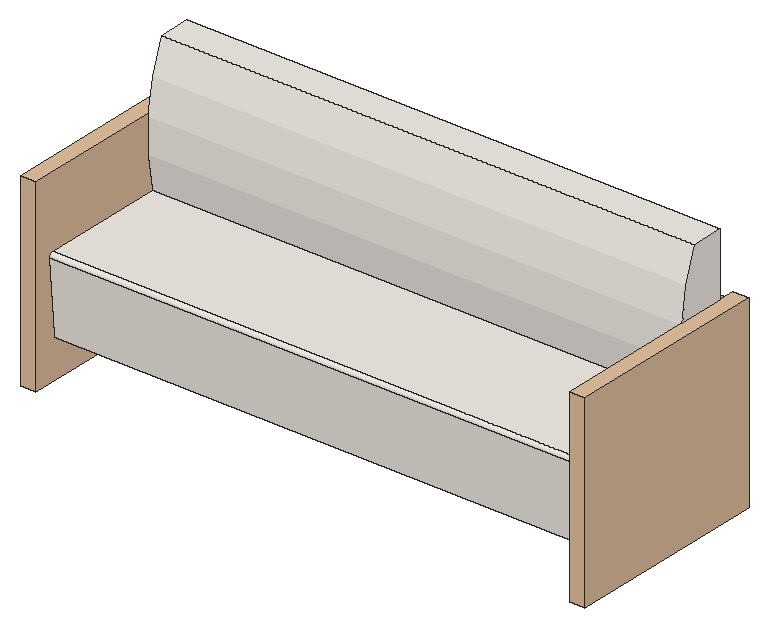
Revit family "M_Sofá", category Mobiliário, Revit 2019
Family settings
  Número OmniClass = 23.40.20.14.14.14
  Título OmniClass = Settees, Sofas
  ID de item do Seek = Sofa-0000-CAN-ENU
  Com base no plano de trabalho = Não
  Sempre na vertical = Sim
  Corte com vazios quando carregada = Não
  Compartilhado = Não
  Ponto de cálculo do ambiente = Não
Parameters (values of type "1830mm")
  Largura = 1830.00 mm
  Material do assento = Linho, Bege
  Material da moldura = Cerejeira
Types (3, lengths in mm): name | Largura
  (no name) | 1830.00
  1830mm | 1830.00
  1372mm | 1372.00
Reference planes
  plane 1 "Centro (Frente/Trás)": y = 146.154
  plane 2: z = 0
  plane 3 "Centro (Esquerda/Direita)": x = 70.37
  plane 4: y = 476.354
  plane 5: y = -184.046
  plane 6: x = 985.37
  plane 7: x = -844.63
  plane 8: z = 812.8
  plane 9: x = -793.83
  plane 10: x = 934.57
Forms (mm)
  Extrusion 1, solid, material "Cerejeira" <- "Material da moldura"
    sketch origin (0, 0, 0) x (1, 0, 0) y (0, 1, 0)
      loop
        line (-844.63, 476.354) -> (-844.63, -184.046) -> (-793.83, -184.046) -> (-793.83, 476.354) -> (-844.63, 476.354)
      loop
        line (934.57, 476.354) -> (934.57, -184.046) -> (985.37, -184.046) -> (985.37, 476.354) -> (934.57, 476.354)
    from 0 to 609.6
  Extrusion 2, solid, material "Linho, Bege" <- "Material do assento"
    sketch origin (985.37, 0, 0) x (0, -1, 0) y (0, 0, 1)
      loop
        line (119.386, 381) -> (-286.176, 381)
        arc (-286.176, 381) -> (-268.63, 600.088) -> (-323.954, 812.8) r 660.4
        line (-323.954, 812.8) -> (-425.554, 812.8) -> (-425.554, 127.967) -> (111.108, 127.967) -> (132.038, 367.193)
        arc (132.038, 367.193) -> (128.75, 376.88) -> (119.386, 381) r 12.7
    from 50.8 to 1779.2
  Extrusion 3, solid, material "Cerejeira" <- "Material da moldura"
    sketch origin (985.37, 0, 0) x (0, -1, 0) y (0, 0, 1)
      loop
        line (-476.354, 584.2) -> (-476.354, 457.2) -> (-425.554, 457.2) -> (-425.554, 584.2) -> (-476.354, 584.2)
      loop
        line (-476.354, 393.7) -> (-476.354, 266.7) -> (-425.554, 266.7) -> (-425.554, 393.7) -> (-476.354, 393.7)
      loop
        line (-476.354, 203.2) -> (-476.354, 76.2) -> (-425.554, 76.2) -> (-425.554, 203.2) -> (-476.354, 203.2)
    from 50.8 to 1779.2
Lines and regions (mm)
  Masking region 1
    outline origin (0, 0, 0) x (1, 0, 0) y (0, 1, 0)
      loop
        line (-793.83, -132.038) -> (934.57, -132.038) -> (934.57, -184.046) -> (985.37, -184.046) -> (985.37, 476.354) -> (-844.63, 476.354) -> (-844.63, -184.046) -> (-793.83, -184.046) -> (-793.83, -132.038)
  symbolic lines
    curve 1: line (-793.83, 476.354, 0) -> (934.57, 476.354, 0)
    curve 2: line (-793.83, 425.554, 0) -> (-793.83, 476.354, 0)
    curve 3: line (934.57, 425.554, 0) -> (-793.83, 425.554, 0)
    curve 4: line (934.57, 476.354, 0) -> (934.57, 425.554, 0)
    curve 5: line (985.37, -184.046, 0) -> (934.57, -184.046, 0)
    curve 6: line (985.37, 476.354, 0) -> (985.37, -184.046, 0)
    curve 7: line (934.57, 476.354, 0) -> (985.37, 476.354, 0)
    curve 8: line (934.57, -184.046, 0) -> (934.57, 476.354, 0)
    curve 9: line (-793.83, -184.046, 0) -> (-844.63, -184.046, 0)
    curve 10: line (-793.83, 476.354, 0) -> (-793.83, -184.046, 0)
    curve 11: line (-844.63, 476.354, 0) -> (-793.83, 476.354, 0)
    curve 12: line (-844.63, -184.046, 0) -> (-844.63, 476.354, 0)
    curve 13: line (-793.83, -132.038, 0) -> (934.57, -132.038, 0)
    curve 14: line (934.57, 323.954, 0) -> (-793.83, 323.954, 0)
Dimensions and locks
  equal spacing: plane 7, plane 3 "Centro (Esquerda/Direita)", plane 6
  equal spacing: plane 5, plane 1 "Centro (Frente/Trás)", plane 4
  "Largura": plane 7 to plane 6
  locked: plane 7 to plane 9 at 50.8
  locked: plane 10 to plane 6 at 50.8
  aligned and locked: Extrusion 2 to Extrusion 1  (x2)
  aligned and locked: Extrusion 2 to Extrusion 3
  aligned and locked: plane 9 to Extrusion 2
  aligned and locked: Extrusion 1 to plane 9
  aligned and locked: Extrusion 2 to plane 10
  aligned and locked: plane 10 to Extrusion 1
Automatic sketch dimensions
  Extrusion 2 sketch curve to plane 8 = 0.00 mm
  Extrusion 2 sketch curve to plane 4 = 450.163 mm
  plane 4 to Extrusion 2 sketch curve = 50.80 mm
  Extrusion 2 sketch curve to Extrusion 2 sketch curve = 101.60 mm
  Extrusion 2 sketch curve to plane 1 "Centro (Frente/Trás)" = 140.022 mm
  Extrusion 2 sketch curve to plane 5 = 72.938 mm
  Extrusion 2 sketch curve to plane 5 = 64.66 mm
  Extrusion 2 sketch curve to Extrusion 2 sketch curve = 12.652 mm
  level to Extrusion 2 sketch curve = 542.53 mm
  Extrusion 2 sketch curve to Extrusion 2 sketch curve = 12.70 mm
  level to Extrusion 2 sketch curve = 127.967 mm
  Extrusion 3 sketch curve to plane 4 = 0.00 mm  (x3)
  plane 4 to Extrusion 3 sketch curve = 50.80 mm  (x3)
  level to Extrusion 3 sketch curve = 76.20 mm
  Extrusion 3 sketch curve to Extrusion 3 sketch curve = 127.00 mm  (x3)
  Extrusion 3 sketch curve to Extrusion 3 sketch curve = 63.50 mm  (x2)
  curve 12 to plane 5 = 0.00 mm
  curve 12 to plane 7 = 0.00 mm
  curve 11 to plane 4 = 0.00 mm
  curve 5 to plane 5 = 0.00 mm
  curve 6 to plane 6 = 0.00 mm
  curve 3 to plane 7 = 50.80 mm
  plane 6 to curve 4 = 50.80 mm
  curve 5 to curve 13 = 52.008 mm
  curve 14 to curve 1 = 152.40 mm
  curve 3 to curve 1 = 50.80 mm
  Extrusion 1 sketch curve to plane 5 = 0.00 mm  (x2)
  Extrusion 1 sketch curve to plane 7 = 0.00 mm
  Extrusion 1 sketch curve to plane 4 = 0.00 mm  (x2)
  Extrusion 1 sketch curve to plane 6 = 0.00 mm
  Extrusion 1 sketch curve to Extrusion 1 sketch curve = 50.80 mm
  plane 6 to Extrusion 1 sketch curve = 50.80 mm
  Masking region 1 sketch curve to plane 4 = 0.00 mm
  Masking region 1 sketch curve to plane 7 = 0.00 mm
  Masking region 1 sketch curve to plane 5 = 0.00 mm  (x2)
  Masking region 1 sketch curve to plane 6 = 0.00 mm
  Masking region 1 sketch curve to plane 7 = 50.80 mm
  plane 6 to Masking region 1 sketch curve = 50.80 mm
  Masking region 1 sketch curve to Masking region 1 sketch curve = 52.008 mm
